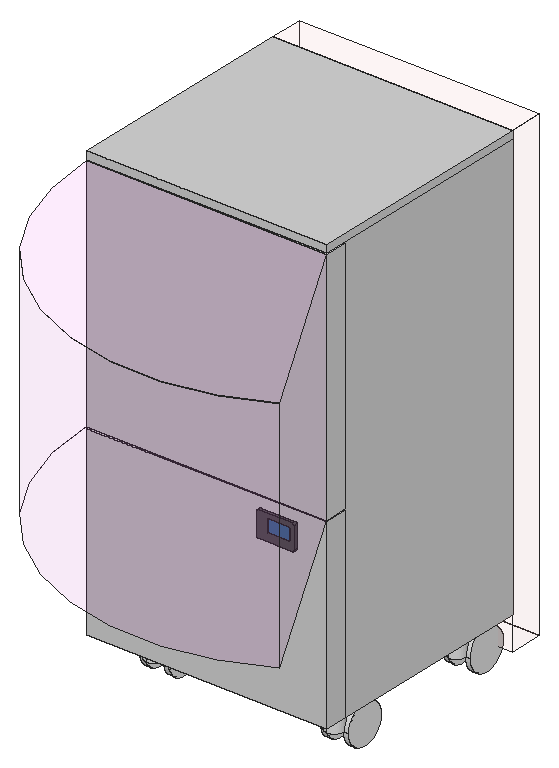
Revit family "Normann_ENTRY_ETR10A-R290", category Attrezzature speciali, Revit 2021 (continued)
Definition of nested family "Griglia_Entry_Large"
  Lines and regions (mm)
    model lines, detail levels medium+fine
      curve 1381: line (530.883, -349.402, 0) -> (560.883, -349.402, 0)
      curve 1382: line (530.883, -355.402, 0) -> (530.883, -349.402, 0)
      curve 1383: line (560.883, -355.402, 0) -> (530.883, -355.402, 0)
      curve 1384: line (560.883, -349.402, 0) -> (560.883, -355.402, 0)
      curve 1385: line (530.883, -358.002, 0) -> (560.883, -358.002, 0)
      curve 1386: line (530.883, -364.002, 0) -> (530.883, -358.002, 0)
      curve 1387: line (560.883, -364.002, 0) -> (530.883, -364.002, 0)
      curve 1388: line (560.883, -358.002, 0) -> (560.883, -364.002, 0)
      curve 1389: line (530.883, -366.602, 0) -> (560.883, -366.602, 0)
      curve 1390: line (530.883, -372.602, 0) -> (530.883, -366.602, 0)
      curve 1391: line (560.883, -372.602, 0) -> (530.883, -372.602, 0)
      curve 1392: line (560.883, -366.602, 0) -> (560.883, -372.602, 0)
      curve 1393: line (530.883, -375.202, 0) -> (560.883, -375.202, 0)
      curve 1394: line (530.883, -381.202, 0) -> (530.883, -375.202, 0)
      curve 1395: line (560.883, -381.202, 0) -> (530.883, -381.202, 0)
      curve 1396: line (560.883, -375.202, 0) -> (560.883, -381.202, 0)
      curve 1397: line (530.883, -383.802, 0) -> (560.883, -383.802, 0)
      curve 1398: line (530.883, -389.802, 0) -> (530.883, -383.802, 0)
      curve 1399: line (560.883, -389.802, 0) -> (530.883, -389.802, 0)
      curve 1400: line (560.883, -383.802, 0) -> (560.883, -389.802, 0)
      curve 1401: line (530.883, -392.402, 0) -> (560.883, -392.402, 0)
      curve 1402: line (530.883, -398.402, 0) -> (530.883, -392.402, 0)
      curve 1403: line (560.883, -398.402, 0) -> (530.883, -398.402, 0)
      curve 1404: line (560.883, -392.402, 0) -> (560.883, -398.402, 0)
      curve 1405: line (530.883, -401.002, 0) -> (560.883, -401.002, 0)
      curve 1406: line (530.883, -407.002, 0) -> (530.883, -401.002, 0)
      curve 1407: line (560.883, -407.002, 0) -> (530.883, -407.002, 0)
      curve 1408: line (560.883, -401.002, 0) -> (560.883, -407.002, 0)
      curve 1409: line (530.883, -409.602, 0) -> (560.883, -409.602, 0)
      curve 1410: line (530.883, -415.602, 0) -> (530.883, -409.602, 0)
      curve 1411: line (560.883, -415.602, 0) -> (530.883, -415.602, 0)
      curve 1412: line (560.883, -409.602, 0) -> (560.883, -415.602, 0)
      curve 1413: line (530.883, -418.202, 0) -> (560.883, -418.202, 0)
      curve 1414: line (530.883, -424.202, 0) -> (530.883, -418.202, 0)
      curve 1415: line (560.883, -424.202, 0) -> (530.883, -424.202, 0)
      curve 1416: line (560.883, -418.202, 0) -> (560.883, -424.202, 0)
      curve 1417: line (530.883, -426.802, 0) -> (560.883, -426.802, 0)
      curve 1418: line (530.883, -432.802, 0) -> (530.883, -426.802, 0)
      curve 1419: line (560.883, -432.802, 0) -> (530.883, -432.802, 0)
      curve 1420: line (560.883, -426.802, 0) -> (560.883, -432.802, 0)
      curve 1421: line (530.883, -435.402, 0) -> (560.883, -435.402, 0)
      curve 1422: line (530.883, -441.402, 0) -> (530.883, -435.402, 0)
      curve 1423: line (560.883, -441.402, 0) -> (530.883, -441.402, 0)
      curve 1424: line (560.883, -435.402, 0) -> (560.883, -441.402, 0)
      curve 1425: line (530.883, -444.002, 0) -> (560.883, -444.002, 0)
      curve 1426: line (530.883, -450.002, 0) -> (530.883, -444.002, 0)
      curve 1427: line (560.883, -450.002, 0) -> (530.883, -450.002, 0)
      curve 1428: line (560.883, -444.002, 0) -> (560.883, -450.002, 0)
      curve 1429: line (530.883, -452.602, 0) -> (560.883, -452.602, 0)
      curve 1430: line (530.883, -458.602, 0) -> (530.883, -452.602, 0)
      curve 1431: line (560.883, -458.602, 0) -> (530.883, -458.602, 0)
      curve 1432: line (560.883, -452.602, 0) -> (560.883, -458.602, 0)
      curve 1433: line (530.883, -461.202, 0) -> (560.883, -461.202, 0)
      curve 1434: line (530.883, -467.202, 0) -> (530.883, -461.202, 0)
      curve 1435: line (560.883, -467.202, 0) -> (530.883, -467.202, 0)
      curve 1436: line (560.883, -461.202, 0) -> (560.883, -467.202, 0)
      curve 1437: line (530.883, -469.802, 0) -> (560.883, -469.802, 0)
      curve 1438: line (530.883, -475.802, 0) -> (530.883, -469.802, 0)
      curve 1439: line (560.883, -475.802, 0) -> (530.883, -475.802, 0)
      curve 1440: line (560.883, -469.802, 0) -> (560.883, -475.802, 0)
      curve 1441: line (530.883, -478.402, 0) -> (560.883, -478.402, 0)
      curve 1442: line (530.883, -484.402, 0) -> (530.883, -478.402, 0)
      curve 1443: line (560.883, -484.402, 0) -> (530.883, -484.402, 0)
      curve 1444: line (560.883, -478.402, 0) -> (560.883, -484.402, 0)
      curve 1445: line (530.883, -487.002, 0) -> (560.883, -487.002, 0)
      curve 1446: line (530.883, -493.002, 0) -> (530.883, -487.002, 0)
      curve 1447: line (560.883, -493.002, 0) -> (530.883, -493.002, 0)
      curve 1448: line (560.883, -487.002, 0) -> (560.883, -493.002, 0)
      curve 1449: line (605.883, -134.402, 0) -> (635.883, -134.402, 0)
      curve 1450: line (605.883, -140.402, 0) -> (605.883, -134.402, 0)
      curve 1451: line (635.883, -140.402, 0) -> (605.883, -140.402, 0)
      curve 1452: line (635.883, -134.402, 0) -> (635.883, -140.402, 0)
      curve 1453: line (605.883, -143.002, 0) -> (635.883, -143.002, 0)
      curve 1454: line (605.883, -149.002, 0) -> (605.883, -143.002, 0)
      curve 1455: line (635.883, -149.002, 0) -> (605.883, -149.002, 0)
      curve 1456: line (635.883, -143.002, 0) -> (635.883, -149.002, 0)
      curve 1457: line (605.883, -151.602, 0) -> (635.883, -151.602, 0)
      curve 1458: line (605.883, -157.602, 0) -> (605.883, -151.602, 0)
      curve 1459: line (635.883, -157.602, 0) -> (605.883, -157.602, 0)
      curve 1460: line (635.883, -151.602, 0) -> (635.883, -157.602, 0)
      curve 1461: line (605.883, -160.202, 0) -> (635.883, -160.202, 0)
      curve 1462: line (605.883, -166.202, 0) -> (605.883, -160.202, 0)
      curve 1463: line (635.883, -166.202, 0) -> (605.883, -166.202, 0)
      curve 1464: line (635.883, -160.202, 0) -> (635.883, -166.202, 0)
      curve 1465: line (605.883, -168.802, 0) -> (635.883, -168.802, 0)
      curve 1466: line (605.883, -174.802, 0) -> (605.883, -168.802, 0)
      curve 1467: line (635.883, -174.802, 0) -> (605.883, -174.802, 0)
      curve 1468: line (635.883, -168.802, 0) -> (635.883, -174.802, 0)
      curve 1469: line (605.883, -177.402, 0) -> (635.883, -177.402, 0)
      curve 1470: line (605.883, -183.402, 0) -> (605.883, -177.402, 0)
      curve 1471: line (635.883, -183.402, 0) -> (605.883, -183.402, 0)
      curve 1472: line (635.883, -177.402, 0) -> (635.883, -183.402, 0)
      curve 1473: line (605.883, -186.002, 0) -> (635.883, -186.002, 0)
      curve 1474: line (605.883, -192.002, 0) -> (605.883, -186.002, 0)
      curve 1475: line (635.883, -192.002, 0) -> (605.883, -192.002, 0)
      curve 1476: line (635.883, -186.002, 0) -> (635.883, -192.002, 0)
      curve 1477: line (605.883, -194.602, 0) -> (635.883, -194.602, 0)
      curve 1478: line (605.883, -200.602, 0) -> (605.883, -194.602, 0)
      curve 1479: line (635.883, -200.602, 0) -> (605.883, -200.602, 0)
      curve 1480: line (635.883, -194.602, 0) -> (635.883, -200.602, 0)
      curve 1481: line (605.883, -203.202, 0) -> (635.883, -203.202, 0)
      curve 1482: line (605.883, -209.202, 0) -> (605.883, -203.202, 0)
      curve 1483: line (635.883, -209.202, 0) -> (605.883, -209.202, 0)
      curve 1484: line (635.883, -203.202, 0) -> (635.883, -209.202, 0)
      curve 1485: line (605.883, -211.802, 0) -> (635.883, -211.802, 0)
      curve 1486: line (605.883, -217.802, 0) -> (605.883, -211.802, 0)
      curve 1487: line (635.883, -217.802, 0) -> (605.883, -217.802, 0)
      curve 1488: line (635.883, -211.802, 0) -> (635.883, -217.802, 0)
      curve 1489: line (605.883, -220.402, 0) -> (635.883, -220.402, 0)
      curve 1490: line (605.883, -226.402, 0) -> (605.883, -220.402, 0)
      curve 1491: line (635.883, -226.402, 0) -> (605.883, -226.402, 0)
      curve 1492: line (635.883, -220.402, 0) -> (635.883, -226.402, 0)
      curve 1493: line (605.883, -229.002, 0) -> (635.883, -229.002, 0)
      curve 1494: line (605.883, -235.002, 0) -> (605.883, -229.002, 0)
      curve 1495: line (635.883, -235.002, 0) -> (605.883, -235.002, 0)
      curve 1496: line (635.883, -229.002, 0) -> (635.883, -235.002, 0)
      curve 1497: line (605.883, -237.602, 0) -> (635.883, -237.602, 0)
      curve 1498: line (605.883, -243.602, 0) -> (605.883, -237.602, 0)
      curve 1499: line (635.883, -243.602, 0) -> (605.883, -243.602, 0)
      curve 1500: line (635.883, -237.602, 0) -> (635.883, -243.602, 0)
      curve 1501: line (605.883, -246.202, 0) -> (635.883, -246.202, 0)
      curve 1502: line (605.883, -252.202, 0) -> (605.883, -246.202, 0)
      curve 1503: line (635.883, -252.202, 0) -> (605.883, -252.202, 0)
      curve 1504: line (635.883, -246.202, 0) -> (635.883, -252.202, 0)
      curve 1505: line (605.883, -254.802, 0) -> (635.883, -254.802, 0)
      curve 1506: line (605.883, -260.802, 0) -> (605.883, -254.802, 0)
      curve 1507: line (635.883, -260.802, 0) -> (605.883, -260.802, 0)
      curve 1508: line (635.883, -254.802, 0) -> (635.883, -260.802, 0)
      curve 1509: line (605.883, -263.402, 0) -> (635.883, -263.402, 0)
      curve 1510: line (605.883, -269.402, 0) -> (605.883, -263.402, 0)
      curve 1511: line (635.883, -269.402, 0) -> (605.883, -269.402, 0)
      curve 1512: line (635.883, -263.402, 0) -> (635.883, -269.402, 0)
      curve 1513: line (605.883, -272.002, 0) -> (635.883, -272.002, 0)
      curve 1514: line (605.883, -278.002, 0) -> (605.883, -272.002, 0)
      curve 1515: line (635.883, -278.002, 0) -> (605.883, -278.002, 0)
      curve 1516: line (635.883, -272.002, 0) -> (635.883, -278.002, 0)
      curve 1517: line (605.883, -280.602, 0) -> (635.883, -280.602, 0)
      curve 1518: line (605.883, -286.602, 0) -> (605.883, -280.602, 0)
      curve 1519: line (635.883, -286.602, 0) -> (605.883, -286.602, 0)
      curve 1520: line (635.883, -280.602, 0) -> (635.883, -286.602, 0)
      curve 1521: line (605.883, -289.202, 0) -> (635.883, -289.202, 0)
      curve 1522: line (605.883, -295.202, 0) -> (605.883, -289.202, 0)
      curve 1523: line (635.883, -295.202, 0) -> (605.883, -295.202, 0)
      curve 1524: line (635.883, -289.202, 0) -> (635.883, -295.202, 0)
      curve 1525: line (605.883, -297.802, 0) -> (635.883, -297.802, 0)
      curve 1526: line (605.883, -303.802, 0) -> (605.883, -297.802, 0)
      curve 1527: line (635.883, -303.802, 0) -> (605.883, -303.802, 0)
      curve 1528: line (635.883, -297.802, 0) -> (635.883, -303.802, 0)
      curve 1529: line (605.883, -306.402, 0) -> (635.883, -306.402, 0)
      curve 1530: line (605.883, -312.402, 0) -> (605.883, -306.402, 0)
      curve 1531: line (635.883, -312.402, 0) -> (605.883, -312.402, 0)
      curve 1532: line (635.883, -306.402, 0) -> (635.883, -312.402, 0)
      curve 1533: line (605.883, -315.002, 0) -> (635.883, -315.002, 0)
      curve 1534: line (605.883, -321.002, 0) -> (605.883, -315.002, 0)
      curve 1535: line (635.883, -321.002, 0) -> (605.883, -321.002, 0)
      curve 1536: line (635.883, -315.002, 0) -> (635.883, -321.002, 0)
      curve 1537: line (605.883, -323.602, 0) -> (635.883, -323.602, 0)
      curve 1538: line (605.883, -329.602, 0) -> (605.883, -323.602, 0)
      curve 1539: line (635.883, -329.602, 0) -> (605.883, -329.602, 0)
      curve 1540: line (635.883, -323.602, 0) -> (635.883, -329.602, 0)
      curve 1541: line (605.883, -332.202, 0) -> (635.883, -332.202, 0)
      curve 1542: line (605.883, -338.202, 0) -> (605.883, -332.202, 0)
      curve 1543: line (635.883, -338.202, 0) -> (605.883, -338.202, 0)
      curve 1544: line (635.883, -332.202, 0) -> (635.883, -338.202, 0)
      curve 1545: line (605.883, -340.802, 0) -> (635.883, -340.802, 0)
      curve 1546: line (605.883, -346.802, 0) -> (605.883, -340.802, 0)
      curve 1547: line (635.883, -346.802, 0) -> (605.883, -346.802, 0)
      curve 1548: line (635.883, -340.802, 0) -> (635.883, -346.802, 0)
      curve 1549: line (605.883, -349.402, 0) -> (635.883, -349.402, 0)
      curve 1550: line (605.883, -355.402, 0) -> (605.883, -349.402, 0)
      curve 1551: line (635.883, -355.402, 0) -> (605.883, -355.402, 0)
      curve 1552: line (635.883, -349.402, 0) -> (635.883, -355.402, 0)
      curve 1553: line (605.883, -358.002, 0) -> (635.883, -358.002, 0)
      curve 1554: line (605.883, -364.002, 0) -> (605.883, -358.002, 0)
      curve 1555: line (635.883, -364.002, 0) -> (605.883, -364.002, 0)
      curve 1556: line (635.883, -358.002, 0) -> (635.883, -364.002, 0)
      curve 1557: line (605.883, -366.602, 0) -> (635.883, -366.602, 0)
      curve 1558: line (605.883, -372.602, 0) -> (605.883, -366.602, 0)
      curve 1559: line (635.883, -372.602, 0) -> (605.883, -372.602, 0)
      curve 1560: line (635.883, -366.602, 0) -> (635.883, -372.602, 0)
      curve 1561: line (605.883, -375.202, 0) -> (635.883, -375.202, 0)
      curve 1562: line (605.883, -381.202, 0) -> (605.883, -375.202, 0)
      curve 1563: line (635.883, -381.202, 0) -> (605.883, -381.202, 0)
      curve 1564: line (635.883, -375.202, 0) -> (635.883, -381.202, 0)
      curve 1565: line (605.883, -383.802, 0) -> (635.883, -383.802, 0)
      curve 1566: line (605.883, -389.802, 0) -> (605.883, -383.802, 0)
      curve 1567: line (635.883, -389.802, 0) -> (605.883, -389.802, 0)
      curve 1568: line (635.883, -383.802, 0) -> (635.883, -389.802, 0)
      curve 1569: line (605.883, -392.402, 0) -> (635.883, -392.402, 0)
      curve 1570: line (605.883, -398.402, 0) -> (605.883, -392.402, 0)
      curve 1571: line (635.883, -398.402, 0) -> (605.883, -398.402, 0)
      curve 1572: line (635.883, -392.402, 0) -> (635.883, -398.402, 0)
      curve 1573: line (605.883, -401.002, 0) -> (635.883, -401.002, 0)
      curve 1574: line (605.883, -407.002, 0) -> (605.883, -401.002, 0)
      curve 1575: line (635.883, -407.002, 0) -> (605.883, -407.002, 0)
      curve 1576: line (635.883, -401.002, 0) -> (635.883, -407.002, 0)
      curve 1577: line (605.883, -409.602, 0) -> (635.883, -409.602, 0)
      curve 1578: line (605.883, -415.602, 0) -> (605.883, -409.602, 0)
      curve 1579: line (635.883, -415.602, 0) -> (605.883, -415.602, 0)
      curve 1580: line (635.883, -409.602, 0) -> (635.883, -415.602, 0)
      curve 1581: line (605.883, -418.202, 0) -> (635.883, -418.202, 0)
      curve 1582: line (605.883, -424.202, 0) -> (605.883, -418.202, 0)
      curve 1583: line (635.883, -424.202, 0) -> (605.883, -424.202, 0)
      curve 1584: line (635.883, -418.202, 0) -> (635.883, -424.202, 0)
      curve 1585: line (605.883, -426.802, 0) -> (635.883, -426.802, 0)
      curve 1586: line (605.883, -432.802, 0) -> (605.883, -426.802, 0)
      curve 1587: line (635.883, -432.802, 0) -> (605.883, -432.802, 0)
      curve 1588: line (635.883, -426.802, 0) -> (635.883, -432.802, 0)
      curve 1589: line (605.883, -435.402, 0) -> (635.883, -435.402, 0)
      curve 1590: line (605.883, -441.402, 0) -> (605.883, -435.402, 0)
      curve 1591: line (635.883, -441.402, 0) -> (605.883, -441.402, 0)
      curve 1592: line (635.883, -435.402, 0) -> (635.883, -441.402, 0)
      curve 1593: line (605.883, -444.002, 0) -> (635.883, -444.002, 0)
      curve 1594: line (605.883, -450.002, 0) -> (605.883, -444.002, 0)
      curve 1595: line (635.883, -450.002, 0) -> (605.883, -450.002, 0)
      curve 1596: line (635.883, -444.002, 0) -> (635.883, -450.002, 0)
      curve 1597: line (605.883, -452.602, 0) -> (635.883, -452.602, 0)
      curve 1598: line (605.883, -458.602, 0) -> (605.883, -452.602, 0)
      curve 1599: line (635.883, -458.602, 0) -> (605.883, -458.602, 0)
      curve 1600: line (635.883, -452.602, 0) -> (635.883, -458.602, 0)
      curve 1601: line (605.883, -461.202, 0) -> (635.883, -461.202, 0)
      curve 1602: line (605.883, -467.202, 0) -> (605.883, -461.202, 0)
      curve 1603: line (635.883, -467.202, 0) -> (605.883, -467.202, 0)
      curve 1604: line (635.883, -461.202, 0) -> (635.883, -467.202, 0)
      curve 1605: line (605.883, -469.802, 0) -> (635.883, -469.802, 0)
      curve 1606: line (605.883, -475.802, 0) -> (605.883, -469.802, 0)
      curve 1607: line (635.883, -475.802, 0) -> (605.883, -475.802, 0)
      curve 1608: line (635.883, -469.802, 0) -> (635.883, -475.802, 0)
      curve 1609: line (605.883, -478.402, 0) -> (635.883, -478.402, 0)
      curve 1610: line (605.883, -484.402, 0) -> (605.883, -478.402, 0)
      curve 1611: line (635.883, -484.402, 0) -> (605.883, -484.402, 0)
      curve 1612: line (635.883, -478.402, 0) -> (635.883, -484.402, 0)
      curve 1613: line (605.883, -487.002, 0) -> (635.883, -487.002, 0)
      curve 1614: line (605.883, -493.002, 0) -> (605.883, -487.002, 0)
      curve 1615: line (635.883, -493.002, 0) -> (605.883, -493.002, 0)
      curve 1616: line (635.883, -487.002, 0) -> (635.883, -493.002, 0)
      curve 1617: line (194.683, -57.762, 0) -> (194.683, -27.762, 0)
      curve 1618: line (200.683, -57.762, 0) -> (194.683, -57.762, 0)
      curve 1619: line (200.683, -27.762, 0) -> (200.683, -57.762, 0)
      curve 1620: line (194.683, -27.762, 0) -> (200.683, -27.762, 0)
      curve 1621: line (194.683, -90.842, 0) -> (194.683, -60.842, 0)
      curve 1622: line (200.683, -90.842, 0) -> (194.683, -90.842, 0)
      curve 1623: line (200.683, -60.842, 0) -> (200.683, -90.842, 0)
      curve 1624: line (194.683, -60.842, 0) -> (200.683, -60.842, 0)
      curve 1625: line (194.683, -123.922, 0) -> (194.683, -93.922, 0)
      curve 1626: line (200.683, -123.922, 0) -> (194.683, -123.922, 0)
      curve 1627: line (200.683, -93.922, 0) -> (200.683, -123.922, 0)
      curve 1628: line (194.683, -93.922, 0) -> (200.683, -93.922, 0)
      curve 1629: line (194.683, -157.002, 0) -> (194.683, -127.002, 0)
      curve 1630: line (200.683, -157.002, 0) -> (194.683, -157.002, 0)
      curve 1631: line (200.683, -127.002, 0) -> (200.683, -157.002, 0)
      curve 1632: line (194.683, -127.002, 0) -> (200.683, -127.002, 0)
      curve 1633: line (194.683, -190.082, 0) -> (194.683, -160.082, 0)
      curve 1634: line (200.683, -190.082, 0) -> (194.683, -190.082, 0)
      curve 1635: line (200.683, -160.082, 0) -> (200.683, -190.082, 0)
      curve 1636: line (194.683, -160.082, 0) -> (200.683, -160.082, 0)
      curve 1637: line (194.683, -223.162, 0) -> (194.683, -193.162, 0)
      curve 1638: line (200.683, -223.162, 0) -> (194.683, -223.162, 0)
      curve 1639: line (200.683, -193.162, 0) -> (200.683, -223.162, 0)
      curve 1640: line (194.683, -193.162, 0) -> (200.683, -193.162, 0)
      curve 1641: line (194.683, -256.242, 0) -> (194.683, -226.242, 0)
      curve 1642: line (200.683, -256.242, 0) -> (194.683, -256.242, 0)
      curve 1643: line (200.683, -226.242, 0) -> (200.683, -256.242, 0)
      curve 1644: line (194.683, -226.242, 0) -> (200.683, -226.242, 0)
      curve 1645: line (194.683, -289.322, 0) -> (194.683, -259.322, 0)
      curve 1646: line (200.683, -289.322, 0) -> (194.683, -289.322, 0)
      curve 1647: line (200.683, -259.322, 0) -> (200.683, -289.322, 0)
      curve 1648: line (194.683, -259.322, 0) -> (200.683, -259.322, 0)
      curve 1649: line (194.683, -322.402, 0) -> (194.683, -292.402, 0)
      curve 1650: line (200.683, -322.402, 0) -> (194.683, -322.402, 0)
      curve 1651: line (200.683, -292.402, 0) -> (200.683, -322.402, 0)
      curve 1652: line (194.683, -292.402, 0) -> (200.683, -292.402, 0)
      curve 1653: line (194.683, -355.481, 0) -> (194.683, -325.481, 0)
      curve 1654: line (200.683, -355.481, 0) -> (194.683, -355.481, 0)
      curve 1655: line (200.683, -325.481, 0) -> (200.683, -355.481, 0)
      curve 1656: line (194.683, -325.481, 0) -> (200.683, -325.481, 0)
      curve 1657: line (194.683, -388.561, 0) -> (194.683, -358.561, 0)
      curve 1658: line (200.683, -388.561, 0) -> (194.683, -388.561, 0)
      curve 1659: line (200.683, -358.561, 0) -> (200.683, -388.561, 0)
      curve 1660: line (194.683, -358.561, 0) -> (200.683, -358.561, 0)
      curve 1661: line (194.683, -421.641, 0) -> (194.683, -391.641, 0)
      curve 1662: line (200.683, -421.641, 0) -> (194.683, -421.641, 0)
      curve 1663: line (200.683, -391.641, 0) -> (200.683, -421.641, 0)
      curve 1664: line (194.683, -391.641, 0) -> (200.683, -391.641, 0)
      curve 1665: line (194.683, -454.721, 0) -> (194.683, -424.721, 0)
      curve 1666: line (200.683, -454.721, 0) -> (194.683, -454.721, 0)
      curve 1667: line (200.683, -424.721, 0) -> (200.683, -454.721, 0)
      curve 1668: line (194.683, -424.721, 0) -> (200.683, -424.721, 0)
      curve 1669: line (194.683, -487.801, 0) -> (194.683, -457.801, 0)
      curve 1670: line (200.683, -487.801, 0) -> (194.683, -487.801, 0)
      curve 1671: line (200.683, -457.801, 0) -> (200.683, -487.801, 0)
      curve 1672: line (194.683, -457.801, 0) -> (200.683, -457.801, 0)
      curve 1673: line (136.326, -57.762, 0) -> (136.326, -27.762, 0)
      curve 1674: line (142.326, -57.762, 0) -> (136.326, -57.762, 0)
      curve 1675: line (142.326, -27.762, 0) -> (142.326, -57.762, 0)
      curve 1676: line (136.326, -27.762, 0) -> (142.326, -27.762, 0)
      curve 1677: line (136.326, -90.842, 0) -> (136.326, -60.842, 0)
      curve 1678: line (142.326, -90.842, 0) -> (136.326, -90.842, 0)
      curve 1679: line (142.326, -60.842, 0) -> (142.326, -90.842, 0)
      curve 1680: line (136.326, -60.842, 0) -> (142.326, -60.842, 0)
      curve 1681: line (136.326, -123.922, 0) -> (136.326, -93.922, 0)
      curve 1682: line (142.326, -123.922, 0) -> (136.326, -123.922, 0)
      curve 1683: line (142.326, -93.922, 0) -> (142.326, -123.922, 0)
      curve 1684: line (136.326, -93.922, 0) -> (142.326, -93.922, 0)
      curve 1685: line (136.326, -157.002, 0) -> (136.326, -127.002, 0)
      curve 1686: line (142.326, -157.002, 0) -> (136.326, -157.002, 0)
      curve 1687: line (142.326, -127.002, 0) -> (142.326, -157.002, 0)
      curve 1688: line (136.326, -127.002, 0) -> (142.326, -127.002, 0)
      curve 1689: line (136.326, -190.082, 0) -> (136.326, -160.082, 0)
      curve 1690: line (142.326, -190.082, 0) -> (136.326, -190.082, 0)
      curve 1691: line (142.326, -160.082, 0) -> (142.326, -190.082, 0)
      curve 1692: line (136.326, -160.082, 0) -> (142.326, -160.082, 0)
      curve 1693: line (136.326, -223.162, 0) -> (136.326, -193.162, 0)
      curve 1694: line (142.326, -223.162, 0) -> (136.326, -223.162, 0)
      curve 1695: line (142.326, -193.162, 0) -> (142.326, -223.162, 0)
      curve 1696: line (136.326, -193.162, 0) -> (142.326, -193.162, 0)
      curve 1697: line (136.326, -256.242, 0) -> (136.326, -226.242, 0)
      curve 1698: line (142.326, -256.242, 0) -> (136.326, -256.242, 0)
      curve 1699: line (142.326, -226.242, 0) -> (142.326, -256.242, 0)
      curve 1700: line (136.326, -226.242, 0) -> (142.326, -226.242, 0)
      curve 1701: line (136.326, -289.322, 0) -> (136.326, -259.322, 0)
      curve 1702: line (142.326, -289.322, 0) -> (136.326, -289.322, 0)
      curve 1703: line (142.326, -259.322, 0) -> (142.326, -289.322, 0)
      curve 1704: line (136.326, -259.322, 0) -> (142.326, -259.322, 0)
      curve 1705: line (136.326, -322.402, 0) -> (136.326, -292.402, 0)
      curve 1706: line (142.326, -322.402, 0) -> (136.326, -322.402, 0)
      curve 1707: line (142.326, -292.402, 0) -> (142.326, -322.402, 0)
      curve 1708: line (136.326, -292.402, 0) -> (142.326, -292.402, 0)
      curve 1709: line (136.326, -355.481, 0) -> (136.326, -325.481, 0)
      curve 1710: line (142.326, -355.481, 0) -> (136.326, -355.481, 0)
      curve 1711: line (142.326, -325.481, 0) -> (142.326, -355.481, 0)
      curve 1712: line (136.326, -325.481, 0) -> (142.326, -325.481, 0)
      curve 1713: line (136.326, -388.561, 0) -> (136.326, -358.561, 0)
      curve 1714: line (142.326, -388.561, 0) -> (136.326, -388.561, 0)
      curve 1715: line (142.326, -358.561, 0) -> (142.326, -388.561, 0)
      curve 1716: line (136.326, -358.561, 0) -> (142.326, -358.561, 0)
      curve 1717: line (136.326, -421.641, 0) -> (136.326, -391.641, 0)
      curve 1718: line (142.326, -421.641, 0) -> (136.326, -421.641, 0)
      curve 1719: line (142.326, -391.641, 0) -> (142.326, -421.641, 0)
      curve 1720: line (136.326, -391.641, 0) -> (142.326, -391.641, 0)
      curve 1721: line (136.326, -454.721, 0) -> (136.326, -424.721, 0)
      curve 1722: line (142.326, -454.721, 0) -> (136.326, -454.721, 0)
      curve 1723: line (142.326, -424.721, 0) -> (142.326, -454.721, 0)
      curve 1724: line (136.326, -424.721, 0) -> (142.326, -424.721, 0)
      curve 1725: line (136.326, -487.801, 0) -> (136.326, -457.801, 0)
      curve 1726: line (142.326, -487.801, 0) -> (136.326, -487.801, 0)
      curve 1727: line (142.326, -457.801, 0) -> (142.326, -487.801, 0)
      curve 1728: line (136.326, -457.801, 0) -> (142.326, -457.801, 0)
      curve 1729: line (203.283, -57.762, 0) -> (203.283, -27.762, 0)
      curve 1730: line (209.283, -57.762, 0) -> (203.283, -57.762, 0)
      curve 1731: line (209.283, -27.762, 0) -> (209.283, -57.762, 0)
      curve 1732: line (203.283, -27.762, 0) -> (209.283, -27.762, 0)
      curve 1733: line (203.283, -90.842, 0) -> (203.283, -60.842, 0)
      curve 1734: line (209.283, -90.842, 0) -> (203.283, -90.842, 0)
      curve 1735: line (209.283, -60.842, 0) -> (209.283, -90.842, 0)
      curve 1736: line (203.283, -60.842, 0) -> (209.283, -60.842, 0)
      curve 1737: line (203.283, -123.922, 0) -> (203.283, -93.922, 0)
      curve 1738: line (209.283, -123.922, 0) -> (203.283, -123.922, 0)
      curve 1739: line (209.283, -93.922, 0) -> (209.283, -123.922, 0)
      curve 1740: line (203.283, -93.922, 0) -> (209.283, -93.922, 0)
      curve 1741: line (203.283, -157.002, 0) -> (203.283, -127.002, 0)
      curve 1742: line (209.283, -157.002, 0) -> (203.283, -157.002, 0)
      curve 1743: line (209.283, -127.002, 0) -> (209.283, -157.002, 0)
      curve 1744: line (203.283, -127.002, 0) -> (209.283, -127.002, 0)
      curve 1745: line (203.283, -190.082, 0) -> (203.283, -160.082, 0)
      curve 1746: line (209.283, -190.082, 0) -> (203.283, -190.082, 0)
      curve 1747: line (209.283, -160.082, 0) -> (209.283, -190.082, 0)
      curve 1748: line (203.283, -160.082, 0) -> (209.283, -160.082, 0)
      curve 1749: line (203.283, -223.162, 0) -> (203.283, -193.162, 0)
      curve 1750: line (209.283, -223.162, 0) -> (203.283, -223.162, 0)
      curve 1751: line (209.283, -193.162, 0) -> (209.283, -223.162, 0)
      curve 1752: line (203.283, -193.162, 0) -> (209.283, -193.162, 0)
      curve 1753: line (203.283, -256.242, 0) -> (203.283, -226.242, 0)
      curve 1754: line (209.283, -256.242, 0) -> (203.283, -256.242, 0)
      curve 1755: line (209.283, -226.242, 0) -> (209.283, -256.242, 0)
      curve 1756: line (203.283, -226.242, 0) -> (209.283, -226.242, 0)
      curve 1757: line (203.283, -289.322, 0) -> (203.283, -259.322, 0)
      curve 1758: line (209.283, -289.322, 0) -> (203.283, -289.322, 0)
      curve 1759: line (209.283, -259.322, 0) -> (209.283, -289.322, 0)
      curve 1760: line (203.283, -259.322, 0) -> (209.283, -259.322, 0)
      curve 1761: line (203.283, -322.402, 0) -> (203.283, -292.402, 0)
      curve 1762: line (209.283, -322.402, 0) -> (203.283, -322.402, 0)
      curve 1763: line (209.283, -292.402, 0) -> (209.283, -322.402, 0)
      curve 1764: line (203.283, -292.402, 0) -> (209.283, -292.402, 0)
      curve 1765: line (203.283, -355.481, 0) -> (203.283, -325.481, 0)
      curve 1766: line (209.283, -355.481, 0) -> (203.283, -355.481, 0)
      curve 1767: line (209.283, -325.481, 0) -> (209.283, -355.481, 0)
      curve 1768: line (203.283, -325.481, 0) -> (209.283, -325.481, 0)
      curve 1769: line (203.283, -388.561, 0) -> (203.283, -358.561, 0)
      curve 1770: line (209.283, -388.561, 0) -> (203.283, -388.561, 0)
      curve 1771: line (209.283, -358.561, 0) -> (209.283, -388.561, 0)
      curve 1772: line (203.283, -358.561, 0) -> (209.283, -358.561, 0)
      curve 1773: line (203.283, -421.641, 0) -> (203.283, -391.641, 0)
      curve 1774: line (209.283, -421.641, 0) -> (203.283, -421.641, 0)
      curve 1775: line (209.283, -391.641, 0) -> (209.283, -421.641, 0)
      curve 1776: line (203.283, -391.641, 0) -> (209.283, -391.641, 0)
      curve 1777: line (203.283, -454.721, 0) -> (203.283, -424.721, 0)
      curve 1778: line (209.283, -454.721, 0) -> (203.283, -454.721, 0)
      curve 1779: line (209.283, -424.721, 0) -> (209.283, -454.721, 0)
      curve 1780: line (203.283, -424.721, 0) -> (209.283, -424.721, 0)
      curve 1781: line (203.283, -487.801, 0) -> (203.283, -457.801, 0)
      curve 1782: line (209.283, -487.801, 0) -> (203.283, -487.801, 0)
      curve 1783: line (209.283, -457.801, 0) -> (209.283, -487.801, 0)
      curve 1784: line (203.283, -457.801, 0) -> (209.283, -457.801, 0)
      curve 1785: line (211.883, -57.762, 0) -> (211.883, -27.762, 0)
      curve 1786: line (217.883, -57.762, 0) -> (211.883, -57.762, 0)
      curve 1787: line (217.883, -27.762, 0) -> (217.883, -57.762, 0)
      curve 1788: line (211.883, -27.762, 0) -> (217.883, -27.762, 0)
      curve 1789: line (211.883, -90.842, 0) -> (211.883, -60.842, 0)
      curve 1790: line (217.883, -90.842, 0) -> (211.883, -90.842, 0)
      curve 1791: line (217.883, -60.842, 0) -> (217.883, -90.842, 0)
      curve 1792: line (211.883, -60.842, 0) -> (217.883, -60.842, 0)
      curve 1793: line (211.883, -123.922, 0) -> (211.883, -93.922, 0)
      curve 1794: line (217.883, -123.922, 0) -> (211.883, -123.922, 0)
      curve 1795: line (217.883, -93.922, 0) -> (217.883, -123.922, 0)
      curve 1796: line (211.883, -93.922, 0) -> (217.883, -93.922, 0)
      curve 1797: line (211.883, -157.002, 0) -> (211.883, -127.002, 0)
      curve 1798: line (217.883, -157.002, 0) -> (211.883, -157.002, 0)
      curve 1799: line (217.883, -127.002, 0) -> (217.883, -157.002, 0)
      curve 1800: line (211.883, -127.002, 0) -> (217.883, -127.002, 0)
      curve 1801: line (211.883, -190.082, 0) -> (211.883, -160.082, 0)
      curve 1802: line (217.883, -190.082, 0) -> (211.883, -190.082, 0)
      curve 1803: line (217.883, -160.082, 0) -> (217.883, -190.082, 0)
      curve 1804: line (211.883, -160.082, 0) -> (217.883, -160.082, 0)
      curve 1805: line (211.883, -223.162, 0) -> (211.883, -193.162, 0)
      curve 1806: line (217.883, -223.162, 0) -> (211.883, -223.162, 0)
      curve 1807: line (217.883, -193.162, 0) -> (217.883, -223.162, 0)
      curve 1808: line (211.883, -193.162, 0) -> (217.883, -193.162, 0)
      curve 1809: line (211.883, -256.242, 0) -> (211.883, -226.242, 0)
      curve 1810: line (217.883, -256.242, 0) -> (211.883, -256.242, 0)
      curve 1811: line (217.883, -226.242, 0) -> (217.883, -256.242, 0)
      curve 1812: line (211.883, -226.242, 0) -> (217.883, -226.242, 0)
      curve 1813: line (211.883, -289.322, 0) -> (211.883, -259.322, 0)
      curve 1814: line (217.883, -289.322, 0) -> (211.883, -289.322, 0)
      curve 1815: line (217.883, -259.322, 0) -> (217.883, -289.322, 0)
      curve 1816: line (211.883, -259.322, 0) -> (217.883, -259.322, 0)
      curve 1817: line (211.883, -322.402, 0) -> (211.883, -292.402, 0)
      curve 1818: line (217.883, -322.402, 0) -> (211.883, -322.402, 0)
      curve 1819: line (217.883, -292.402, 0) -> (217.883, -322.402, 0)
      curve 1820: line (211.883, -292.402, 0) -> (217.883, -292.402, 0)
      curve 1821: line (211.883, -355.481, 0) -> (211.883, -325.481, 0)
      curve 1822: line (217.883, -355.481, 0) -> (211.883, -355.481, 0)
      curve 1823: line (217.883, -325.481, 0) -> (217.883, -355.481, 0)
      curve 1824: line (211.883, -325.481, 0) -> (217.883, -325.481, 0)
      curve 1825: line (211.883, -388.561, 0) -> (211.883, -358.561, 0)
      curve 1826: line (217.883, -388.561, 0) -> (211.883, -388.561, 0)
      curve 1827: line (217.883, -358.561, 0) -> (217.883, -388.561, 0)
      curve 1828: line (211.883, -358.561, 0) -> (217.883, -358.561, 0)
      curve 1829: line (211.883, -421.641, 0) -> (211.883, -391.641, 0)
      curve 1830: line (217.883, -421.641, 0) -> (211.883, -421.641, 0)
      curve 1831: line (217.883, -391.641, 0) -> (217.883, -421.641, 0)
      curve 1832: line (211.883, -391.641, 0) -> (217.883, -391.641, 0)
      curve 1833: line (211.883, -454.721, 0) -> (211.883, -424.721, 0)
      curve 1834: line (217.883, -454.721, 0) -> (211.883, -454.721, 0)
      curve 1835: line (217.883, -424.721, 0) -> (217.883, -454.721, 0)
      curve 1836: line (211.883, -424.721, 0) -> (217.883, -424.721, 0)
      curve 1837: line (211.883, -487.801, 0) -> (211.883, -457.801, 0)
      curve 1838: line (217.883, -487.801, 0) -> (211.883, -487.801, 0)
      curve 1839: line (217.883, -457.801, 0) -> (217.883, -487.801, 0)
      curve 1840: line (211.883, -457.801, 0) -> (217.883, -457.801, 0)
      curve 1841: line (220.483, -57.762, 0) -> (220.483, -27.762, 0)
      curve 1842: line (226.483, -57.762, 0) -> (220.483, -57.762, 0)
      curve 1843: line (226.483, -27.762, 0) -> (226.483, -57.762, 0)
      curve 1844: line (220.483, -27.762, 0) -> (226.483, -27.762, 0)
      curve 1845: line (220.483, -90.842, 0) -> (220.483, -60.842, 0)
      curve 1846: line (226.483, -90.842, 0) -> (220.483, -90.842, 0)
      curve 1847: line (226.483, -60.842, 0) -> (226.483, -90.842, 0)
      curve 1848: line (220.483, -60.842, 0) -> (226.483, -60.842, 0)
      curve 1849: line (220.483, -123.922, 0) -> (220.483, -93.922, 0)
      curve 1850: line (226.483, -123.922, 0) -> (220.483, -123.922, 0)
      curve 1851: line (226.483, -93.922, 0) -> (226.483, -123.922, 0)
      curve 1852: line (220.483, -93.922, 0) -> (226.483, -93.922, 0)
      curve 1853: line (220.483, -157.002, 0) -> (220.483, -127.002, 0)
      curve 1854: line (226.483, -157.002, 0) -> (220.483, -157.002, 0)
      curve 1855: line (226.483, -127.002, 0) -> (226.483, -157.002, 0)
      curve 1856: line (220.483, -127.002, 0) -> (226.483, -127.002, 0)
      curve 1857: line (220.483, -190.082, 0) -> (220.483, -160.082, 0)
      curve 1858: line (226.483, -190.082, 0) -> (220.483, -190.082, 0)
      curve 1859: line (226.483, -160.082, 0) -> (226.483, -190.082, 0)
      curve 1860: line (220.483, -160.082, 0) -> (226.483, -160.082, 0)
      curve 1861: line (220.483, -223.162, 0) -> (220.483, -193.162, 0)
      curve 1862: line (226.483, -223.162, 0) -> (220.483, -223.162, 0)
      curve 1863: line (226.483, -193.162, 0) -> (226.483, -223.162, 0)
      curve 1864: line (220.483, -193.162, 0) -> (226.483, -193.162, 0)
      curve 1865: line (220.483, -256.242, 0) -> (220.483, -226.242, 0)
      curve 1866: line (226.483, -256.242, 0) -> (220.483, -256.242, 0)
      curve 1867: line (226.483, -226.242, 0) -> (226.483, -256.242, 0)
      curve 1868: line (220.483, -226.242, 0) -> (226.483, -226.242, 0)
      curve 1869: line (220.483, -289.322, 0) -> (220.483, -259.322, 0)
      curve 1870: line (226.483, -289.322, 0) -> (220.483, -289.322, 0)
      curve 1871: line (226.483, -259.322, 0) -> (226.483, -289.322, 0)
      curve 1872: line (220.483, -259.322, 0) -> (226.483, -259.322, 0)
      curve 1873: line (220.483, -322.402, 0) -> (220.483, -292.402, 0)
      curve 1874: line (226.483, -322.402, 0) -> (220.483, -322.402, 0)
      curve 1875: line (226.483, -292.402, 0) -> (226.483, -322.402, 0)
      curve 1876: line (220.483, -292.402, 0) -> (226.483, -292.402, 0)
      curve 1877: line (220.483, -355.481, 0) -> (220.483, -325.481, 0)
      curve 1878: line (226.483, -355.481, 0) -> (220.483, -355.481, 0)
      curve 1879: line (226.483, -325.481, 0) -> (226.483, -355.481, 0)
      curve 1880: line (220.483, -325.481, 0) -> (226.483, -325.481, 0)
      curve 1881: line (220.483, -388.561, 0) -> (220.483, -358.561, 0)
      curve 1882: line (226.483, -388.561, 0) -> (220.483, -388.561, 0)
      curve 1883: line (226.483, -358.561, 0) -> (226.483, -388.561, 0)
      curve 1884: line (220.483, -358.561, 0) -> (226.483, -358.561, 0)
      curve 1885: line (220.483, -421.641, 0) -> (220.483, -391.641, 0)
      curve 1886: line (226.483, -421.641, 0) -> (220.483, -421.641, 0)
      curve 1887: line (226.483, -391.641, 0) -> (226.483, -421.641, 0)
      curve 1888: line (220.483, -391.641, 0) -> (226.483, -391.641, 0)
      curve 1889: line (220.483, -454.721, 0) -> (220.483, -424.721, 0)
      curve 1890: line (226.483, -454.721, 0) -> (220.483, -454.721, 0)
      curve 1891: line (226.483, -424.721, 0) -> (226.483, -454.721, 0)
      curve 1892: line (220.483, -424.721, 0) -> (226.483, -424.721, 0)
      curve 1893: line (220.483, -487.801, 0) -> (220.483, -457.801, 0)
      curve 1894: line (226.483, -487.801, 0) -> (220.483, -487.801, 0)
      curve 1895: line (226.483, -457.801, 0) -> (226.483, -487.801, 0)
      curve 1896: line (220.483, -457.801, 0) -> (226.483, -457.801, 0)
      curve 1897: line (127.726, -57.762, 0) -> (127.726, -27.762, 0)
      curve 1898: line (133.726, -57.762, 0) -> (127.726, -57.762, 0)
      curve 1899: line (133.726, -27.762, 0) -> (133.726, -57.762, 0)
      curve 1900: line (127.726, -27.762, 0) -> (133.726, -27.762, 0)
      curve 1901: line (127.726, -90.842, 0) -> (127.726, -60.842, 0)
      curve 1902: line (133.726, -90.842, 0) -> (127.726, -90.842, 0)
      curve 1903: line (133.726, -60.842, 0) -> (133.726, -90.842, 0)
      curve 1904: line (127.726, -60.842, 0) -> (133.726, -60.842, 0)
      curve 1905: line (127.726, -123.922, 0) -> (127.726, -93.922, 0)
      curve 1906: line (133.726, -123.922, 0) -> (127.726, -123.922, 0)
      curve 1907: line (133.726, -93.922, 0) -> (133.726, -123.922, 0)
      curve 1908: line (127.726, -93.922, 0) -> (133.726, -93.922, 0)
      curve 1909: line (127.726, -157.002, 0) -> (127.726, -127.002, 0)
      curve 1910: line (133.726, -157.002, 0) -> (127.726, -157.002, 0)
      curve 1911: line (133.726, -127.002, 0) -> (133.726, -157.002, 0)
      curve 1912: line (127.726, -127.002, 0) -> (133.726, -127.002, 0)
      curve 1913: line (127.726, -190.082, 0) -> (127.726, -160.082, 0)
      curve 1914: line (133.726, -190.082, 0) -> (127.726, -190.082, 0)
      curve 1915: line (133.726, -160.082, 0) -> (133.726, -190.082, 0)
      curve 1916: line (127.726, -160.082, 0) -> (133.726, -160.082, 0)
      curve 1917: line (127.726, -223.162, 0) -> (127.726, -193.162, 0)
      curve 1918: line (133.726, -223.162, 0) -> (127.726, -223.162, 0)
      curve 1919: line (133.726, -193.162, 0) -> (133.726, -223.162, 0)
      curve 1920: line (127.726, -193.162, 0) -> (133.726, -193.162, 0)
      curve 1921: line (127.726, -256.242, 0) -> (127.726, -226.242, 0)
      curve 1922: line (133.726, -256.242, 0) -> (127.726, -256.242, 0)
      curve 1923: line (133.726, -226.242, 0) -> (133.726, -256.242, 0)
      curve 1924: line (127.726, -226.242, 0) -> (133.726, -226.242, 0)
      curve 1925: line (127.726, -289.322, 0) -> (127.726, -259.322, 0)
      curve 1926: line (133.726, -289.322, 0) -> (127.726, -289.322, 0)
      curve 1927: line (133.726, -259.322, 0) -> (133.726, -289.322, 0)
      curve 1928: line (127.726, -259.322, 0) -> (133.726, -259.322, 0)
      curve 1929: line (127.726, -322.402, 0) -> (127.726, -292.402, 0)
      curve 1930: line (133.726, -322.402, 0) -> (127.726, -322.402, 0)
      curve 1931: line (133.726, -292.402, 0) -> (133.726, -322.402, 0)
      curve 1932: line (127.726, -292.402, 0) -> (133.726, -292.402, 0)
      curve 1933: line (127.726, -355.481, 0) -> (127.726, -325.481, 0)
      curve 1934: line (133.726, -355.481, 0) -> (127.726, -355.481, 0)
      curve 1935: line (133.726, -325.481, 0) -> (133.726, -355.481, 0)
      curve 1936: line (127.726, -325.481, 0) -> (133.726, -325.481, 0)
      curve 1937: line (127.726, -388.561, 0) -> (127.726, -358.561, 0)
      curve 1938: line (133.726, -388.561, 0) -> (127.726, -388.561, 0)
      curve 1939: line (133.726, -358.561, 0) -> (133.726, -388.561, 0)
      curve 1940: line (127.726, -358.561, 0) -> (133.726, -358.561, 0)
      curve 1941: line (127.726, -421.641, 0) -> (127.726, -391.641, 0)
      curve 1942: line (133.726, -421.641, 0) -> (127.726, -421.641, 0)
      curve 1943: line (133.726, -391.641, 0) -> (133.726, -421.641, 0)
      curve 1944: line (127.726, -391.641, 0) -> (133.726, -391.641, 0)
      curve 1945: line (127.726, -454.721, 0) -> (127.726, -424.721, 0)
      curve 1946: line (133.726, -454.721, 0) -> (127.726, -454.721, 0)
      curve 1947: line (133.726, -424.721, 0) -> (133.726, -454.721, 0)
      curve 1948: line (127.726, -424.721, 0) -> (133.726, -424.721, 0)
      curve 1949: line (127.726, -487.801, 0) -> (127.726, -457.801, 0)
      curve 1950: line (133.726, -487.801, 0) -> (127.726, -487.801, 0)
      curve 1951: line (133.726, -457.801, 0) -> (133.726, -487.801, 0)
      curve 1952: line (127.726, -457.801, 0) -> (133.726, -457.801, 0)
      curve 1953: line (119.126, -57.762, 0) -> (119.126, -27.762, 0)
      curve 1954: line (125.126, -57.762, 0) -> (119.126, -57.762, 0)
      curve 1955: line (125.126, -27.762, 0) -> (125.126, -57.762, 0)
      curve 1956: line (119.126, -27.762, 0) -> (125.126, -27.762, 0)
      curve 1957: line (119.126, -90.842, 0) -> (119.126, -60.842, 0)
      curve 1958: line (125.126, -90.842, 0) -> (119.126, -90.842, 0)
      curve 1959: line (125.126, -60.842, 0) -> (125.126, -90.842, 0)
      curve 1960: line (119.126, -60.842, 0) -> (125.126, -60.842, 0)
      curve 1961: line (119.126, -123.922, 0) -> (119.126, -93.922, 0)
      curve 1962: line (125.126, -123.922, 0) -> (119.126, -123.922, 0)
      curve 1963: line (125.126, -93.922, 0) -> (125.126, -123.922, 0)
      curve 1964: line (119.126, -93.922, 0) -> (125.126, -93.922, 0)
      curve 1965: line (119.126, -157.002, 0) -> (119.126, -127.002, 0)
      curve 1966: line (125.126, -157.002, 0) -> (119.126, -157.002, 0)
      curve 1967: line (125.126, -127.002, 0) -> (125.126, -157.002, 0)
      curve 1968: line (119.126, -127.002, 0) -> (125.126, -127.002, 0)
      curve 1969: line (119.126, -190.082, 0) -> (119.126, -160.082, 0)
      curve 1970: line (125.126, -190.082, 0) -> (119.126, -190.082, 0)
      curve 1971: line (125.126, -160.082, 0) -> (125.126, -190.082, 0)
      curve 1972: line (119.126, -160.082, 0) -> (125.126, -160.082, 0)
      curve 1973: line (119.126, -223.162, 0) -> (119.126, -193.162, 0)
      curve 1974: line (125.126, -223.162, 0) -> (119.126, -223.162, 0)
      curve 1975: line (125.126, -193.162, 0) -> (125.126, -223.162, 0)
      curve 1976: line (119.126, -193.162, 0) -> (125.126, -193.162, 0)
      curve 1977: line (119.126, -256.242, 0) -> (119.126, -226.242, 0)
      curve 1978: line (125.126, -256.242, 0) -> (119.126, -256.242, 0)
      curve 1979: line (125.126, -226.242, 0) -> (125.126, -256.242, 0)
      curve 1980: line (119.126, -226.242, 0) -> (125.126, -226.242, 0)
      curve 1981: line (119.126, -289.322, 0) -> (119.126, -259.322, 0)
      curve 1982: line (125.126, -289.322, 0) -> (119.126, -289.322, 0)
      curve 1983: line (125.126, -259.322, 0) -> (125.126, -289.322, 0)
      curve 1984: line (119.126, -259.322, 0) -> (125.126, -259.322, 0)
      curve 1985: line (119.126, -322.402, 0) -> (119.126, -292.402, 0)
      curve 1986: line (125.126, -322.402, 0) -> (119.126, -322.402, 0)
      curve 1987: line (125.126, -292.402, 0) -> (125.126, -322.402, 0)
      curve 1988: line (119.126, -292.402, 0) -> (125.126, -292.402, 0)
      curve 1989: line (119.126, -355.481, 0) -> (119.126, -325.481, 0)
      curve 1990: line (125.126, -355.481, 0) -> (119.126, -355.481, 0)
      curve 1991: line (125.126, -325.481, 0) -> (125.126, -355.481, 0)
      curve 1992: line (119.126, -325.481, 0) -> (125.126, -325.481, 0)
      curve 1993: line (119.126, -388.561, 0) -> (119.126, -358.561, 0)
      curve 1994: line (125.126, -388.561, 0) -> (119.126, -388.561, 0)
      curve 1995: line (125.126, -358.561, 0) -> (125.126, -388.561, 0)
      curve 1996: line (119.126, -358.561, 0) -> (125.126, -358.561, 0)
      curve 1997: line (119.126, -421.641, 0) -> (119.126, -391.641, 0)
      curve 1998: line (125.126, -421.641, 0) -> (119.126, -421.641, 0)
      curve 1999: line (125.126, -391.641, 0) -> (125.126, -421.641, 0)
      curve 2000: line (119.126, -391.641, 0) -> (125.126, -391.641, 0)
      curve 2001: line (119.126, -454.721, 0) -> (119.126, -424.721, 0)
      curve 2002: line (125.126, -454.721, 0) -> (119.126, -454.721, 0)
      curve 2003: line (125.126, -424.721, 0) -> (125.126, -454.721, 0)
      curve 2004: line (119.126, -424.721, 0) -> (125.126, -424.721, 0)
      curve 2005: line (119.126, -487.801, 0) -> (119.126, -457.801, 0)
      curve 2006: line (125.126, -487.801, 0) -> (119.126, -487.801, 0)
      curve 2007: line (125.126, -457.801, 0) -> (125.126, -487.801, 0)
      curve 2008: line (119.126, -457.801, 0) -> (125.126, -457.801, 0)
      curve 2009: line (110.526, -57.762, 0) -> (110.526, -27.762, 0)
      curve 2010: line (116.526, -57.762, 0) -> (110.526, -57.762, 0)
      curve 2011: line (116.526, -27.762, 0) -> (116.526, -57.762, 0)
      curve 2012: line (110.526, -27.762, 0) -> (116.526, -27.762, 0)
      curve 2013: line (110.526, -90.842, 0) -> (110.526, -60.842, 0)
      curve 2014: line (116.526, -90.842, 0) -> (110.526, -90.842, 0)
      curve 2015: line (116.526, -60.842, 0) -> (116.526, -90.842, 0)
      curve 2016: line (110.526, -60.842, 0) -> (116.526, -60.842, 0)
      curve 2017: line (110.526, -123.922, 0) -> (110.526, -93.922, 0)
      curve 2018: line (116.526, -123.922, 0) -> (110.526, -123.922, 0)
      curve 2019: line (116.526, -93.922, 0) -> (116.526, -123.922, 0)
      curve 2020: line (110.526, -93.922, 0) -> (116.526, -93.922, 0)
      curve 2021: line (110.526, -157.002, 0) -> (110.526, -127.002, 0)
      curve 2022: line (116.526, -157.002, 0) -> (110.526, -157.002, 0)
      curve 2023: line (116.526, -127.002, 0) -> (116.526, -157.002, 0)
      curve 2024: line (110.526, -127.002, 0) -> (116.526, -127.002, 0)
      curve 2025: line (110.526, -190.082, 0) -> (110.526, -160.082, 0)
      curve 2026: line (116.526, -190.082, 0) -> (110.526, -190.082, 0)
      curve 2027: line (116.526, -160.082, 0) -> (116.526, -190.082, 0)
      curve 2028: line (110.526, -160.082, 0) -> (116.526, -160.082, 0)
      curve 2029: line (110.526, -223.162, 0) -> (110.526, -193.162, 0)
      curve 2030: line (116.526, -223.162, 0) -> (110.526, -223.162, 0)
      curve 2031: line (116.526, -193.162, 0) -> (116.526, -223.162, 0)
      curve 2032: line (110.526, -193.162, 0) -> (116.526, -193.162, 0)
      curve 2033: line (110.526, -256.242, 0) -> (110.526, -226.242, 0)
      curve 2034: line (116.526, -256.242, 0) -> (110.526, -256.242, 0)
      curve 2035: line (116.526, -226.242, 0) -> (116.526, -256.242, 0)
      curve 2036: line (110.526, -226.242, 0) -> (116.526, -226.242, 0)
      curve 2037: line (110.526, -289.322, 0) -> (110.526, -259.322, 0)
      curve 2038: line (116.526, -289.322, 0) -> (110.526, -289.322, 0)
      curve 2039: line (116.526, -259.322, 0) -> (116.526, -289.322, 0)
      curve 2040: line (110.526, -259.322, 0) -> (116.526, -259.322, 0)
      curve 2041: line (110.526, -322.402, 0) -> (110.526, -292.402, 0)
      curve 2042: line (116.526, -322.402, 0) -> (110.526, -322.402, 0)
      curve 2043: line (116.526, -292.402, 0) -> (116.526, -322.402, 0)
      curve 2044: line (110.526, -292.402, 0) -> (116.526, -292.402, 0)
      curve 2045: line (110.526, -355.481, 0) -> (110.526, -325.481, 0)
      curve 2046: line (116.526, -355.481, 0) -> (110.526, -355.481, 0)
      curve 2047: line (116.526, -325.481, 0) -> (116.526, -355.481, 0)
      curve 2048: line (110.526, -325.481, 0) -> (116.526, -325.481, 0)
      curve 2049: line (110.526, -388.561, 0) -> (110.526, -358.561, 0)
      curve 2050: line (116.526, -388.561, 0) -> (110.526, -388.561, 0)
      curve 2051: line (116.526, -358.561, 0) -> (116.526, -388.561, 0)
      curve 2052: line (110.526, -358.561, 0) -> (116.526, -358.561, 0)
      curve 2053: line (110.526, -421.641, 0) -> (110.526, -391.641, 0)
      curve 2054: line (116.526, -421.641, 0) -> (110.526, -421.641, 0)
      curve 2055: line (116.526, -391.641, 0) -> (116.526, -421.641, 0)
      curve 2056: line (110.526, -391.641, 0) -> (116.526, -391.641, 0)
      curve 2057: line (110.526, -454.721, 0) -> (110.526, -424.721, 0)
      curve 2058: line (116.526, -454.721, 0) -> (110.526, -454.721, 0)
      curve 2059: line (116.526, -424.721, 0) -> (116.526, -454.721, 0)
      curve 2060: line (110.526, -424.721, 0) -> (116.526, -424.721, 0)
      curve 2061: line (110.526, -487.801, 0) -> (110.526, -457.801, 0)
      curve 2062: line (116.526, -487.801, 0) -> (110.526, -487.801, 0)
      curve 2063: line (116.526, -457.801, 0) -> (116.526, -487.801, 0)
      curve 2064: line (110.526, -457.801, 0) -> (116.526, -457.801, 0)
      curve 2065: line (144.878, -57.762, 0) -> (144.878, -27.762, 0)
      curve 2066: line (150.878, -57.762, 0) -> (144.878, -57.762, 0)
      curve 2067: line (150.878, -27.762, 0) -> (150.878, -57.762, 0)
      curve 2068: line (144.878, -27.762, 0) -> (150.878, -27.762, 0)
      curve 2069: line (144.878, -90.842, 0) -> (144.878, -60.842, 0)
      curve 2070: line (150.878, -90.842, 0) -> (144.878, -90.842, 0)
      curve 2071: line (150.878, -60.842, 0) -> (150.878, -90.842, 0)
      curve 2072: line (144.878, -60.842, 0) -> (150.878, -60.842, 0)
      curve 2073: line (144.878, -123.922, 0) -> (144.878, -93.922, 0)
      curve 2074: line (150.878, -123.922, 0) -> (144.878, -123.922, 0)
      curve 2075: line (150.878, -93.922, 0) -> (150.878, -123.922, 0)
      curve 2076: line (144.878, -93.922, 0) -> (150.878, -93.922, 0)
      curve 2077: line (144.878, -157.002, 0) -> (144.878, -127.002, 0)
      curve 2078: line (150.878, -157.002, 0) -> (144.878, -157.002, 0)
      curve 2079: line (150.878, -127.002, 0) -> (150.878, -157.002, 0)
      curve 2080: line (144.878, -127.002, 0) -> (150.878, -127.002, 0)
      curve 2081: line (144.878, -190.082, 0) -> (144.878, -160.082, 0)
      curve 2082: line (150.878, -190.082, 0) -> (144.878, -190.082, 0)
      curve 2083: line (150.878, -160.082, 0) -> (150.878, -190.082, 0)
      curve 2084: line (144.878, -160.082, 0) -> (150.878, -160.082, 0)
      curve 2085: line (144.878, -223.162, 0) -> (144.878, -193.162, 0)
      curve 2086: line (150.878, -223.162, 0) -> (144.878, -223.162, 0)
      curve 2087: line (150.878, -193.162, 0) -> (150.878, -223.162, 0)
      curve 2088: line (144.878, -193.162, 0) -> (150.878, -193.162, 0)
      curve 2089: line (144.878, -256.242, 0) -> (144.878, -226.242, 0)
      curve 2090: line (150.878, -256.242, 0) -> (144.878, -256.242, 0)
      curve 2091: line (150.878, -226.242, 0) -> (150.878, -256.242, 0)
      curve 2092: line (144.878, -226.242, 0) -> (150.878, -226.242, 0)
      curve 2093: line (144.878, -289.322, 0) -> (144.878, -259.322, 0)
      curve 2094: line (150.878, -289.322, 0) -> (144.878, -289.322, 0)
      curve 2095: line (150.878, -259.322, 0) -> (150.878, -289.322, 0)
      curve 2096: line (144.878, -259.322, 0) -> (150.878, -259.322, 0)
      curve 2097: line (144.878, -322.402, 0) -> (144.878, -292.402, 0)
      curve 2098: line (150.878, -322.402, 0) -> (144.878, -322.402, 0)
      curve 2099: line (150.878, -292.402, 0) -> (150.878, -322.402, 0)
      curve 2100: line (144.878, -292.402, 0) -> (150.878, -292.402, 0)
      curve 2101: line (144.878, -355.481, 0) -> (144.878, -325.481, 0)
      curve 2102: line (150.878, -355.481, 0) -> (144.878, -355.481, 0)
      curve 2103: line (150.878, -325.481, 0) -> (150.878, -355.481, 0)
      curve 2104: line (144.878, -325.481, 0) -> (150.878, -325.481, 0)
      curve 2105: line (144.878, -388.561, 0) -> (144.878, -358.561, 0)
      curve 2106: line (150.878, -388.561, 0) -> (144.878, -388.561, 0)
      curve 2107: line (150.878, -358.561, 0) -> (150.878, -388.561, 0)
      curve 2108: line (144.878, -358.561, 0) -> (150.878, -358.561, 0)
      curve 2109: line (144.878, -421.641, 0) -> (144.878, -391.641, 0)
      curve 2110: line (150.878, -421.641, 0) -> (144.878, -421.641, 0)
      curve 2111: line (150.878, -391.641, 0) -> (150.878, -421.641, 0)
      curve 2112: line (144.878, -391.641, 0) -> (150.878, -391.641, 0)
      curve 2113: line (144.878, -454.721, 0) -> (144.878, -424.721, 0)
      curve 2114: line (150.878, -454.721, 0) -> (144.878, -454.721, 0)
      curve 2115: line (150.878, -424.721, 0) -> (150.878, -454.721, 0)
      curve 2116: line (144.878, -424.721, 0) -> (150.878, -424.721, 0)
      curve 2117: line (144.878, -487.801, 0) -> (144.878, -457.801, 0)
      curve 2118: line (150.878, -487.801, 0) -> (144.878, -487.801, 0)
      curve 2119: line (150.878, -457.801, 0) -> (150.878, -487.801, 0)
      curve 2120: line (144.878, -457.801, 0) -> (150.878, -457.801, 0)
      curve 2121: line (261.658, -57.762, 0) -> (261.658, -27.762, 0)
      curve 2122: line (267.658, -57.762, 0) -> (261.658, -57.762, 0)
      curve 2123: line (267.658, -27.762, 0) -> (267.658, -57.762, 0)
      curve 2124: line (261.658, -27.762, 0) -> (267.658, -27.762, 0)
      curve 2125: line (261.658, -90.842, 0) -> (261.658, -60.842, 0)
      curve 2126: line (267.658, -90.842, 0) -> (261.658, -90.842, 0)
      curve 2127: line (267.658, -60.842, 0) -> (267.658, -90.842, 0)
      curve 2128: line (261.658, -60.842, 0) -> (267.658, -60.842, 0)
      curve 2129: line (261.658, -123.922, 0) -> (261.658, -93.922, 0)
      curve 2130: line (267.658, -123.922, 0) -> (261.658, -123.922, 0)
      curve 2131: line (267.658, -93.922, 0) -> (267.658, -123.922, 0)
      curve 2132: line (261.658, -93.922, 0) -> (267.658, -93.922, 0)
      curve 2133: line (261.658, -157.002, 0) -> (261.658, -127.002, 0)
      curve 2134: line (267.658, -157.002, 0) -> (261.658, -157.002, 0)
      curve 2135: line (267.658, -127.002, 0) -> (267.658, -157.002, 0)
      curve 2136: line (261.658, -127.002, 0) -> (267.658, -127.002, 0)
      curve 2137: line (261.658, -190.082, 0) -> (261.658, -160.082, 0)
      curve 2138: line (267.658, -190.082, 0) -> (261.658, -190.082, 0)
      curve 2139: line (267.658, -160.082, 0) -> (267.658, -190.082, 0)
      curve 2140: line (261.658, -160.082, 0) -> (267.658, -160.082, 0)
      curve 2141: line (261.658, -223.162, 0) -> (261.658, -193.162, 0)
      curve 2142: line (267.658, -223.162, 0) -> (261.658, -223.162, 0)
      curve 2143: line (267.658, -193.162, 0) -> (267.658, -223.162, 0)
      curve 2144: line (261.658, -193.162, 0) -> (267.658, -193.162, 0)
      curve 2145: line (261.658, -256.242, 0) -> (261.658, -226.242, 0)
      curve 2146: line (267.658, -256.242, 0) -> (261.658, -256.242, 0)
      curve 2147: line (267.658, -226.242, 0) -> (267.658, -256.242, 0)
      curve 2148: line (261.658, -226.242, 0) -> (267.658, -226.242, 0)
      curve 2149: line (261.658, -289.322, 0) -> (261.658, -259.322, 0)
      curve 2150: line (267.658, -289.322, 0) -> (261.658, -289.322, 0)
      curve 2151: line (267.658, -259.322, 0) -> (267.658, -289.322, 0)
      curve 2152: line (261.658, -259.322, 0) -> (267.658, -259.322, 0)
      curve 2153: line (261.658, -322.402, 0) -> (261.658, -292.402, 0)
      curve 2154: line (267.658, -322.402, 0) -> (261.658, -322.402, 0)
      curve 2155: line (267.658, -292.402, 0) -> (267.658, -322.402, 0)
      curve 2156: line (261.658, -292.402, 0) -> (267.658, -292.402, 0)
      curve 2157: line (261.658, -355.481, 0) -> (261.658, -325.481, 0)
      curve 2158: line (267.658, -355.481, 0) -> (261.658, -355.481, 0)
      curve 2159: line (267.658, -325.481, 0) -> (267.658, -355.481, 0)
      curve 2160: line (261.658, -325.481, 0) -> (267.658, -325.481, 0)
      curve 2161: line (261.658, -388.561, 0) -> (261.658, -358.561, 0)
      curve 2162: line (267.658, -388.561, 0) -> (261.658, -388.561, 0)
      curve 2163: line (267.658, -358.561, 0) -> (267.658, -388.561, 0)
      curve 2164: line (261.658, -358.561, 0) -> (267.658, -358.561, 0)
      curve 2165: line (261.658, -421.641, 0) -> (261.658, -391.641, 0)
      curve 2166: line (267.658, -421.641, 0) -> (261.658, -421.641, 0)
      curve 2167: line (267.658, -391.641, 0) -> (267.658, -421.641, 0)
      curve 2168: line (261.658, -391.641, 0) -> (267.658, -391.641, 0)
      curve 2169: line (261.658, -454.721, 0) -> (261.658, -424.721, 0)
      curve 2170: line (267.658, -454.721, 0) -> (261.658, -454.721, 0)
      curve 2171: line (267.658, -424.721, 0) -> (267.658, -454.721, 0)
      curve 2172: line (261.658, -424.721, 0) -> (267.658, -424.721, 0)
      curve 2173: line (261.658, -487.801, 0) -> (261.658, -457.801, 0)
      curve 2174: line (267.658, -487.801, 0) -> (261.658, -487.801, 0)
      curve 2175: line (267.658, -457.801, 0) -> (267.658, -487.801, 0)
      curve 2176: line (261.658, -457.801, 0) -> (267.658, -457.801, 0)
      curve 2177: line (270.258, -57.762, 0) -> (270.258, -27.762, 0)
      curve 2178: line (276.258, -57.762, 0) -> (270.258, -57.762, 0)
      curve 2179: line (276.258, -27.762, 0) -> (276.258, -57.762, 0)
      curve 2180: line (270.258, -27.762, 0) -> (276.258, -27.762, 0)
      curve 2181: line (270.258, -90.842, 0) -> (270.258, -60.842, 0)
      curve 2182: line (276.258, -90.842, 0) -> (270.258, -90.842, 0)
      curve 2183: line (276.258, -60.842, 0) -> (276.258, -90.842, 0)
      curve 2184: line (270.258, -60.842, 0) -> (276.258, -60.842, 0)
      curve 2185: line (270.258, -123.922, 0) -> (270.258, -93.922, 0)
      curve 2186: line (276.258, -123.922, 0) -> (270.258, -123.922, 0)
      curve 2187: line (276.258, -93.922, 0) -> (276.258, -123.922, 0)
      curve 2188: line (270.258, -93.922, 0) -> (276.258, -93.922, 0)
      curve 2189: line (270.258, -157.002, 0) -> (270.258, -127.002, 0)
      curve 2190: line (276.258, -157.002, 0) -> (270.258, -157.002, 0)
      curve 2191: line (276.258, -127.002, 0) -> (276.258, -157.002, 0)
      curve 2192: line (270.258, -127.002, 0) -> (276.258, -127.002, 0)
      curve 2193: line (270.258, -190.082, 0) -> (270.258, -160.082, 0)
      curve 2194: line (276.258, -190.082, 0) -> (270.258, -190.082, 0)
      curve 2195: line (276.258, -160.082, 0) -> (276.258, -190.082, 0)
      curve 2196: line (270.258, -160.082, 0) -> (276.258, -160.082, 0)
      curve 2197: line (270.258, -223.162, 0) -> (270.258, -193.162, 0)
      curve 2198: line (276.258, -223.162, 0) -> (270.258, -223.162, 0)
      curve 2199: line (276.258, -193.162, 0) -> (276.258, -223.162, 0)
      curve 2200: line (270.258, -193.162, 0) -> (276.258, -193.162, 0)
      curve 2201: line (270.258, -256.242, 0) -> (270.258, -226.242, 0)
      curve 2202: line (276.258, -256.242, 0) -> (270.258, -256.242, 0)
      curve 2203: line (276.258, -226.242, 0) -> (276.258, -256.242, 0)
      curve 2204: line (270.258, -226.242, 0) -> (276.258, -226.242, 0)
